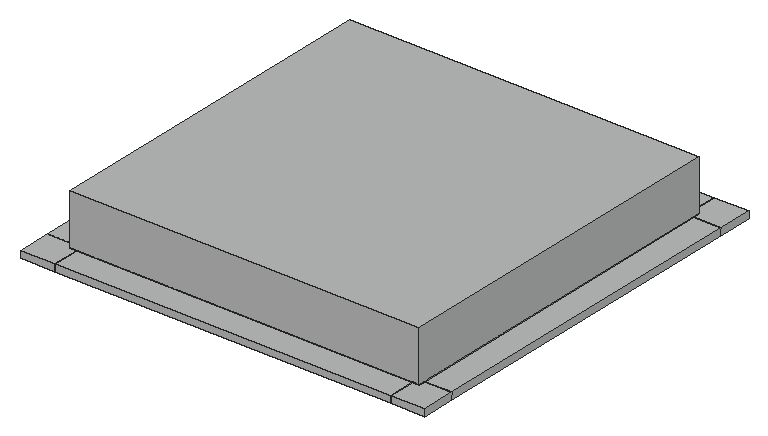
Revit family "ALUMOGIPS", category Осветительные приборы, Revit 2019 (continued)
Types (72, lengths in mm): name | Файл фотометрической сетки | built-in parameter 1150105 | Lumens | built-in parameter 1150106 | built-in parameter 1150142 | Wattage | Emit from Rectangle Width | Emit from Rectangle Length | Длина | Материал светильника | Ширина | ADSK_Ток | ADSK_Полная мощность | ADSK_Обозначение | ADSK_Номинальная мощность | ADSK_Наименование | ADSK_Масса | ADSK_Код изделия
    362 \r\n2080.432 2010.053 1937.712 1863.313 1786.854 1709.025 1629.332 1548.169 1465.831 1382.413 1295.762 1208.325 1122.654 1036.001 949.349 862.795 776.143 690.667 605.780 522.657 \r\n441.887 363.958 289.657 219.571 152.621 92.240 38.130 3.823 3.725 3.627 3.529 3.431 3.332 3.234 3.234 3.137 3.039 2.941 2.842 2.744 2.647 2.647 2.549 2.450 2.352 2.254 2.157 2.059 2.059 1.960 1.862 \r\n1.764 1.667 1.569 1.470 1.470 1.372 1.274 1.177 1.078 0.980 0.882 0.882 0.784 0.687 0.588 0.490 0.392 0.294 0.294 0.196 0.098 0.000 \r\n2755.907 2755.612 2750.025 2741.399 2725.520 2706.209 2682.683 2653.767 2620.929 2582.897 2539.963 2493.892 2444.979 2392.144 2335.194 2275.498 2213.743 2147.480 \r\n2079.452 2009.170 1936.731 1862.333 1785.874 1708.045 1628.352 1547.189 1464.851 1381.531 1294.879 1207.541 1121.869 1035.315 948.664 862.207 775.555 690.177 605.388 522.363 \r\n441.592 363.762 289.461 219.473 152.523 92.240 38.130 3.823 3.725 3.627 3.529 3.431 3.332 3.234 3.234 3.137 3.039 2.941 2.842 2.744 2.647 2.647 2.549 2.450 2.352 2.254 2.157 2.059 2.059 1.960 1.862 \r\n1.764 1.667 1.569 1.470 1.470 1.372 1.274 1.177 1.078 0.980 0.882 0.882 0.784 0.687 0.588 0.490 0.392 0.294 0.294 0.196 0.098 0.000 \r\n2755.907 2755.515 2749.927 2741.203 2725.226 2705.817 2682.095 2653.178 2620.341 2582.210 2539.276 2493.206 2444.195 2391.262 2334.312 2274.616 2212.763 2146.500 \r\n2078.472 2008.190 1935.751 1861.352 1784.894 1707.065 1627.470 1546.307 1463.968 1380.649 1293.997 1206.757 1121.183 1034.629 947.977 861.619 775.065 689.687 604.996 521.971 \r\n441.396 363.468 289.363 219.375 152.426 92.142 38.033 3.823 3.725 3.627 3.529 3.431 3.332 3.234 3.234 3.137 3.039 2.941 2.842 2.744 2.647 2.647 2.549 2.450 2.352 2.254 2.157 2.059 2.059 1.960 1.862 \r\n1.764 1.667 1.569 1.470 1.470 1.372 1.274 1.177 1.078 0.980 0.882 0.882 0.784 0.687 0.588 0.490 0.392 0.294 0.294 0.196 0.098 0.000 \r\n2755.907 2755.417 2749.829 2740.909 2724.931 2705.327 2681.605 2652.591 2619.655 2581.524 2538.590 2492.422 2443.410 2390.380 2333.429 2273.636 2211.783 2145.519 \r\n2077.492 2007.209 1934.771 1860.371 1783.914 1706.084 1626.490 1545.327 1463.086 1379.865 1293.016 1205.874 1120.398 1033.844 947.389 861.031 774.575 689.295 604.603 521.676 \r\n441.102 363.272 289.167 219.277 152.327 92.142 37.935 3.823 3.725 3.627 3.529 3.431 3.332 3.234 3.234 3.137 3.039 2.941 2.842 2.744 2.647 2.647 2.549 2.450 2.352 2.254 2.157 2.059 2.059 1.960 1.862 \r\n1.764 1.667 1.569 1.470 1.470 1.372 1.274 1.177 1.078 0.980 0.882 0.882 0.784 0.687 0.588 0.490 0.392 0.294 0.294 0.196 0.098 0.000 \r\n2755.907 2755.318 2749.633 2740.615 2724.638 2704.934 2681.115 2652.101 2618.969 2580.838 2537.904 2491.735 2442.626 2389.596 2332.547 2272.753 2210.803 2144.637 \r\n2076.512 2006.229 1933.693 1859.294 1782.934 1705.104 1625.510 1544.445 1462.105 1378.982 1292.134 1205.090 1119.713 1033.159 946.703 860.443 774.085 688.805 604.211 521.383 \r\n440.808 363.076 288.971 219.178 152.229 92.043 37.935 3.725 3.725 3.627 3.529 3.431 3.332 3.234 3.137 3.137 3.039 2.941 2.842 2.744 2.647 2.647 2.549 2.450 2.352 2.254 2.157 2.059 2.059 1.960 1.862 \r\n1.764 1.667 1.569 1.470 1.470 1.372 1.274 1.177 1.078 0.980 0.882 0.882 0.784 0.687 0.588 0.490 0.392 0.294 0.294 0.196 0.098 0.000 \r\n2755.907 2755.122 2749.535 2740.321 2724.343 2704.542 2680.527 2651.513 2618.283 2580.152 2537.218 2491.049 2441.842 2388.714 2331.665 2271.871 2209.823 2143.657 \r\n2075.630 2005.249 1932.712 1858.314 1781.953 1704.124 1624.530 1543.465 1461.223 1378.100 1291.252 1204.307 1118.928 1032.472 946.115 859.953 773.497 688.315 603.820 521.088 \r\n440.513 362.879 288.873 219.081 152.229 92.043 37.837 3.725 3.725 3.627 3.529 3.431 3.332 3.234 3.137 3.137 3.039 2.941 2.842 2.744 2.647 2.549 2.549 2.450 2.352 2.254 2.157 2.059 2.059 1.960 1.862 \r\n1.764 1.667 1.569 1.470 1.470 1.372 1.274 1.177 1.078 0.980 0.882 0.882 0.784 0.687 0.588 0.490 0.392 0.294 0.294 0.196 0.098 0.000 \r\n2755.907 2755.025 2749.437 2740.125 2724.049 2704.151 2680.037 2650.924 2617.597 2579.466 2536.532 2490.265 2441.058 2387.832 2330.783 2270.989 2208.842 2142.677 \r\n2074.650 2004.367 1931.732 1857.333 1780.973 1703.144 1623.549 1542.582 1460.341 1377.218 1290.272 1203.522 1118.144 1031.786 945.428 859.364 773.007 687.923 603.428 520.696 \r\n440.318 362.684 288.677 218.983 152.131 91.945 37.739 3.725 3.725 3.627 3.529 3.431 3.332 3.234 3.137 3.137 3.039 2.941 2.842 2.744 2.647 2.549 2.549 2.450 2.352 2.254 2.157 2.059 1.960 1.960 1.862 \r\n1.764 1.667 1.569 1.470 1.470 1.372 1.274 1.177 1.078 0.980 0.882 0.882 0.784 0.687 0.588 0.490 0.392 0.294 0.294 0.196 0.098 0.000 \r\n2755.907 2754.926 2749.339 2739.831 2723.756 2703.759 2679.546 2650.434 2617.008 2578.780 2535.845 2489.579 2440.274 2386.950 2329.998 2270.107 2207.862 2141.795 \r\n2073.669 2003.387 1930.752 1856.353 1779.993 1702.164 1622.666 1541.602 1459.361 1376.336 1289.390 1202.640 1117.458 1031.002 944.742 858.776 772.517 687.433 603.036 520.403 \r\n440.023 362.488 288.481 218.885 152.033 91.945 37.739 3.725 3.725 3.627 3.529 3.431 3.332 3.234 3.137 3.137 3.039 2.941 2.842 2.744 2.647 2.549 2.549 2.450 2.352 2.254 2.157 2.059 1.960 1.960 1.862 \r\n1.764 1.667 1.569 1.470 1.470 1.372 1.274 1.177 1.078 0.980 0.882 0.882 0.784 0.687 0.588 0.490 0.392 0.294 0.294 0.196 0.098 0.000 \r\n2755.907 2754.828 2749.241 2739.537 2723.363 2703.269 2678.959 2649.846 2616.323 2578.093 2535.160 2488.795 2439.489 2386.165 2329.116 2269.224 2206.882 2140.815 \r\n2072.689 2002.407 1929.772 1855.373 1778.915 1701.183 1621.686 1540.720 1458.479 1375.453 1288.409 1201.856 1116.674 1030.316 944.154 858.188 772.027 687.041 602.643 520.108 \r\n439.730 362.292 288.382 218.786 151.936 91.847 37.640 3.725 3.725 3.627 3.529 3.431 3.332 3.234 3.137 3.137 3.039 2.941 2.842 2.744 2.647 2.549 2.549 2.450 2.352 2.254 2.157 2.059 1.960 1.960 1.862 \r\n1.764 1.667 1.569 1.470 1.372 1.372 1.274 1.177 1.078 0.980 0.882 0.882 0.784 0.687 0.588 0.490 0.392 0.294 0.294 0.196 0.098 0.000 \r\n2755.907 2754.730 2749.045 2739.340 2723.069 2702.877 2678.469 2649.258 2615.636 2577.407 2534.571 2488.108 2438.706 2385.283 2328.234 2268.342 2205.902 2139.835 \r\n2071.709 2001.426 1928.693 1854.295 1777.934 1700.105 1620.706 1539.739 1457.596 1374.571 1287.527 1201.071 1115.889 1029.630 943.468 857.600 771.438 686.551 602.251 519.814 \r\n439.435 362.096 288.187 218.688 151.837 91.750 37.640 3.725 3.627 3.627 3.529 3.431 3.332 3.234 3.137 3.137 3.039 2.941 2.842 2.744 2.647 2.549 2.549 2.450 2.352 2.254 2.157 2.059 1.960 1.960 1.862 \r\n1.764 1.667 1.569 1.470 1.372 1.372 1.274 1.177 1.078 0.980 0.882 0.882 0.784 0.687 0.588 0.490 0.392 0.294 0.294 0.196 0.098 0.000 \r\n2755.907 2754.632 2748.947 2739.047 2722.774 2702.484 2677.979 2648.669 2614.950 2576.721 2533.885 2487.325 2437.921 2384.401 2327.352 2267.460 2204.922 2138.952 \r\n2070.729 2000.446 1927.713 1853.314 1776.954 1699.125 1619.726 1538.857 1456.616 1373.787 1286.645 1200.189 1115.204 1028.943 942.880 857.012 770.948 686.061 601.859 519.422 \r\n439.240 361.899 287.991 218.590 151.837 91.750 37.543 3.725 3.627 3.627 3.529 3.431 3.332 3.234 3.137 3.039 3.039 2.941 2.842 2.744 2.647 2.549 2.549 2.450 2.352 2.254 2.157 2.059 1.960 1.960 1.862 \r\n1.764 1.667 1.569 1.470 1.372 1.372 1.274 1.177 1.078 0.980 0.882 0.882 0.784 0.687 0.588 0.490 0.392 0.294 0.294 0.196 0.098 0.000 \r\n2755.907 2754.436 2748.849 2738.752 2722.481 2702.092 2677.391 2648.179 2614.264 2576.035 2533.199 2486.638 2437.137 2383.616 2326.469 2266.578 2203.941 2137.971 \r\n2069.846 1999.466 1926.733 1852.334 1775.974 1698.145 1618.746 1537.877 1455.734 1372.905 1285.665 1199.405 1114.419 1028.160 942.194 856.424 770.458 685.668 601.467 519.128 \r\n438.945 361.606 287.892 218.493 151.739 91.651 37.445 3.725 3.627 3.627 3.529 3.431 3.332 3.234 3.137 3.039 3.039 2.941 2.842 2.744 2.647 2.549 2.549 2.450 2.352 2.254 2.157 2.059 1.960 1.960 1.862 \r\n1.764 1.667 1.569 1.470 1.372 1.372 1.274 1.177 1.078 0.980 0.882 0.882 0.784 0.687 0.588 0.490 0.392 0.294 0.294 0.196 0.098 0.000 \r\n2755.907 2754.338 2748.751 2738.557 2722.187 2701.700 2676.901 2647.592 2613.676 2575.251 2532.513 2485.854 2436.352 2382.734 2325.587 2265.696 2202.961 2136.991 \r\n2068.866 1998.584 1925.753 1851.354 1774.994 1697.164 1617.864 1536.995 1454.852 1372.023 1284.783 1198.621 1113.635 1027.473 941.606 855.934 769.968 685.178 601.074 518.834 \r\n438.651 361.409 287.697 218.395 151.641 91.651 37.445 3.725 3.627 3.627 3.529 3.431 3.332 3.234 3.137 3.039 3.039 2.941 2.842 2.744 2.647 2.549 2.450 2.450 2.352 2.254 2.157 2.059 1.960 1.960 1.862 \r\n1.764 1.667 1.569 1.470 1.372 1.372 1.274 1.177 1.078 0.980 0.882 0.784 0.784 0.687 0.588 0.490 0.392 0.294 0.294 0.196 0.098 0.000 \r\n2755.907 2754.240 2748.652 2738.262 2721.892 2701.210 2676.410 2647.004 2612.989 2574.564 2531.826 2485.168 2435.569 2381.852 2324.705 2264.813 2201.981 2136.109 \r\n2067.885 1997.604 1924.674 1850.276 1774.014 1696.184 1616.883 1536.015 1453.872 1371.141 1283.901 1197.739 1112.949 1026.788 940.919 855.345 769.380 684.688 600.682 518.539 \r\n438.358 361.214 287.500 218.296 151.543 91.553 37.347 3.725 3.627 3.627 3.529 3.431 3.332 3.234 3.137 3.039 3.039 2.941 2.842 2.744 2.647 2.549 2.450 2.450 2.352 2.254 2.157 2.059 1.960 1.960 1.862 \r\n1.764 1.667 1.569 1.470 1.372 1.372 1.274 1.177 1.078 0.980 0.882 0.784 0.784 0.687 0.588 0.490 0.392 0.294 0.294 0.196 0.098 0.000 \r\n2755.907 2754.142 2748.457 2737.968 2721.599 2700.818 2675.822 2646.415 2612.304 2573.879 2531.141 2484.482 2434.785 2380.970 2323.823 2263.931 2201.001 2135.129 \r\n2066.905 1996.624 1923.694 1849.295 1773.033 1695.204 1615.903 1535.132 1452.990 1370.259 1282.921 1196.954 1112.165 1026.101 940.234 854.757 768.890 684.296 600.291 518.147 \r\n438.161 361.017 287.402 218.100 151.445 91.553 37.248 3.725 3.627 3.529 3.529 3.431 3.332 3.234 3.137 3.039 3.039 2.941 2.842 2.744 2.647 2.549 2.450 2.450 2.352 2.254 2.157 2.059 1.960 1.960 1.862 \r\n1.764 1.667 1.569 1.470 1.372 1.372 1.274 1.177 1.078 0.980 0.882 0.784 0.784 0.687 0.588 0.490 0.392 0.294 0.294 0.196 0.098 0.000 \r\n2755.907 2754.044 2748.359 2737.675 2721.304 2700.425 2675.332 2645.925 2611.617 2573.192 2530.454 2483.697 2434.000 2380.185 2322.940 2263.049 2200.021 2134.149 \r\n2065.925 1995.642 1922.714 1848.315 1772.053 1694.224 1614.923 1534.152 1452.107 1369.377 1282.038 1196.170 1111.380 1025.316 939.645 854.170 768.399 683.806 599.899 517.854 \r\n437.868 360.822 287.207 218.003 151.445 91.455 37.248 3.725 3.627 3.529 3.529 3.431 3.332 3.234 3.137 3.039 3.039 2.941 2.842 2.744 2.647 2.549 2.450 2.450 2.352 2.254 2.157 2.059 1.960 1.862 1.862 \r\n1.764 1.667 1.569 1.470 1.372 1.372 1.274 1.177 1.078 0.980 0.882 0.784 0.784 0.687 0.588 0.490 0.392 0.294 0.294 0.196 0.098 0.000 \r\n2755.907 2753.946 2748.260 2737.478 2720.912 2700.033 2674.744 2645.337 2610.931 2572.507 2529.769 2483.012 2433.216 2379.303 2322.156 2262.167 2199.040 2133.267 \r\n2064.945 1994.662 1921.734 1847.335 1770.975 1693.244 1613.943 1533.270 1451.127 1368.494 1281.058 1195.288 1110.695 1024.631 938.959 853.581 767.909 683.414 599.507 517.559 \r\n437.573 360.625 287.010 217.904 151.347 91.455 37.150 3.725 3.627 3.529 3.529 3.431 3.332 3.234 3.137 3.039 2.941 2.941 2.842 2.744 2.647 2.549 2.450 2.450 2.352 2.254 2.157 2.059 1.960 1.862 1.862 \r\n1.764 1.667 1.569 1.470 1.372 1.372 1.274 1.177 1.078 0.980 0.882 0.784 0.784 0.687 0.588 0.490 0.392 0.294 0.294 0.196 0.098 0.000 \r\n2755.907 2753.750 2748.162 2737.185 2720.619 2699.641 2674.254 2644.748 2610.245 2571.820 2529.180 2482.227 2432.432 2378.421 2321.274 2261.284 2198.060 2132.287 \r\n2064.063 1993.682 1920.754 1846.355 1769.995 1692.262 1612.963 1532.290 1450.245 1367.710 1280.176 1194.504 1109.910 1023.944 938.370 852.993 767.419 682.924 599.114 517.265 \r\n437.279 360.429 286.912 217.806 151.249 91.357 37.150 3.725 3.627 3.529 3.529 3.431 3.332 3.234 3.137 3.039 2.941 2.941 2.842 2.744 2.647 2.549 2.450 2.450 2.352 2.254 2.157 2.059 1.960 1.862 1.862 \r\n1.764 1.667 1.569 1.470 1.372 1.372 1.274 1.177 1.078 0.980 0.882 0.784 0.784 0.687 0.588 0.490 0.392 0.294 0.294 0.196 0.098 0.000 \r\n2755.907 2753.652 2747.967 2736.890 2720.324 2699.151 2673.763 2644.161 2609.657 2571.133 2528.494 2481.542 2431.648 2377.539 2320.392 2260.402 2197.079 2131.307 \r\n2063.083 1992.800 1919.675 1845.276 1769.014 1691.282 1612.081 1531.408 1449.363 1366.828 1279.294 1193.720 1109.126 1023.259 937.685 852.503 766.831 682.434 598.722 516.874 \r\n437.083 360.233 286.717 217.708 151.151 91.260 37.053 3.725 3.627 3.529 3.529 3.431 3.332 3.234 3.137 3.039 2.941 2.941 2.842 2.744 2.647 2.549 2.450 2.450 2.352 2.254 2.157 2.059 1.960 1.862 1.862 \r\n1.764 1.667 1.569 1.470 1.372 1.372 1.274 1.177 1.078 0.980 0.882 0.784 0.784 0.687 0.588 0.490 0.392 0.294 0.294 0.196 0.098 0.000 \r\n2755.907 2753.554 2747.869 2736.695 2720.030 2698.760 2673.175 2643.671 2608.970 2570.448 2527.808 2480.757 2430.863 2376.755 2319.509 2259.520 2196.099 2130.424 \r\n2062.102 1991.820 1918.695 1844.296 1768.034 1690.302 1611.100 1530.428 1448.383 1365.946 1278.313 1192.838 1108.440 1022.474 936.998 851.915 766.341 682.042 598.330 516.579 \r\n436.789 360.037 286.520 217.610 151.053 91.260 36.955 3.725 3.627 3.529 3.431 3.431 3.332 3.234 3.137 3.039 2.941 2.941 2.842 2.744 2.647 2.549 2.450 2.352 2.352 2.254 2.157 2.059 1.960 1.862 1.862 \r\n1.764 1.667 1.569 1.470 1.372 1.372 1.274 1.177 1.078 0.980 0.882 0.784 0.784 0.687 0.588 0.490 0.392 0.294 0.294 0.196 0.098 0.000 \r\n2755.907 2753.456 2747.770 2736.400 2719.737 2698.368 2672.685 2643.083 2608.285 2569.761 2527.122 2480.070 2430.079 2375.873 2318.627 2258.638 2195.119 2129.443 \r\n2061.122 1990.840 1917.715 1843.316 1767.054 1689.322 1610.120 1529.546 1447.501 1365.063 1277.431 1192.053 1107.656 1021.788 936.410 851.326 765.851 681.552 597.938 516.285 \r\n436.494 359.841 286.422 217.513 151.053 91.161 36.955 3.725 3.627 3.529 3.431 3.431 3.332 3.234 3.137 3.039 2.941 2.941 2.842 2.744 2.647 2.549 2.450 2.352 2.352 2.254 2.157 2.059 1.960 1.862 1.862 \r\n1.764 1.667 1.569 1.470 1.372 1.372 1.274 1.177 1.078 0.980 0.882 0.784 0.784 0.687 0.588 0.490 0.392 0.294 0.294 0.196 0.098 0.000 \r\n2755.907 2753.554 2747.869 2736.695 2720.030 2698.760 2673.175 2643.671 2608.970 2570.448 2527.808 2480.757 2430.863 2376.755 2319.509 2259.520 2196.099 2130.424 \r\n2062.102 1991.820 1918.695 1844.296 1768.034 1690.302 1611.100 1530.428 1448.383 1365.946 1278.313 1192.838 1108.440 1022.474 936.998 851.915 766.341 682.042 598.330 516.579 \r\n436.789 360.037 286.520 217.610 151.053 91.260 36.955 3.725 3.627 3.529 3.431 3.431 3.332 3.234 3.137 3.039 2.941 2.941 2.842 2.744 2.647 2.549 2.450 2.352 2.352 2.254 2.157 2.059 1.960 1.862 1.862 \r\n1.764 1.667 1.569 1.470 1.372 1.372 1.274 1.177 1.078 0.980 0.882 0.784 0.784 0.687 0.588 0.490 0.392 0.294 0.294 0.196 0.098 0.000 \r\n2755.907 2753.652 2747.967 2736.890 2720.324 2699.151 2673.763 2644.161 2609.657 2571.133 2528.494 2481.542 2431.648 2377.539 2320.392 2260.402 2197.079 2131.307 \r\n2063.083 1992.800 1919.675 1845.276 1769.014 1691.282 1612.081 1531.408 1449.363 1366.828 1279.294 1193.720 1109.126 1023.259 937.685 852.503 766.831 682.434 598.722 516.874 \r\n437.083 360.233 286.717 217.708 151.151 91.260 37.053 3.725 3.627 3.529 3.529 3.431 3.332 3.234 3.137 3.039 2.941 2.941 2.842 2.744 2.647 2.549 2.450 2.450 2.352 2.254 2.157 2.059 1.960 1.862 1.862 \r\n1.764 1.667 1.569 1.470 1.372 1.372 1.274 1.177 1.078 0.980 0.882 0.784 0.784 0.687 0.588 0.490 0.392 0.294 0.294 0.196 0.098 0.000 \r\n2755.907 2753.750 2748.162 2737.185 2720.619 2699.641 2674.254 2644.748 2610.245 2571.820 2529.180 2482.227 2432.432 2378.421 2321.274 2261.284 2198.060 2132.287 \r\n2064.063 1993.682 1920.754 1846.355 1769.995 1692.262 1612.963 1532.290 1450.245 1367.710 1280.176 1194.504 1109.910 1023.944 938.370 852.993 767.419 682.924 599.114 517.265 \r\n437.279 360.429 286.912 217.806 151.249 91.357 37.150 3.725 3.627 3.529 3.529 3.431 3.332 3.234 3.137 3.039 2.941 2.941 2.842 2.744 2.647 2.549 2.450 2.450 2.352 2.254 2.157 2.059 1.960 1.862 1.862 \r\n1.764 1.667 1.569 1.470 1.372 1.372 1.274 1.177 1.078 0.980 0.882 0.784 0.784 0.687 0.588 0.490 0.392 0.294 0.294 0.
